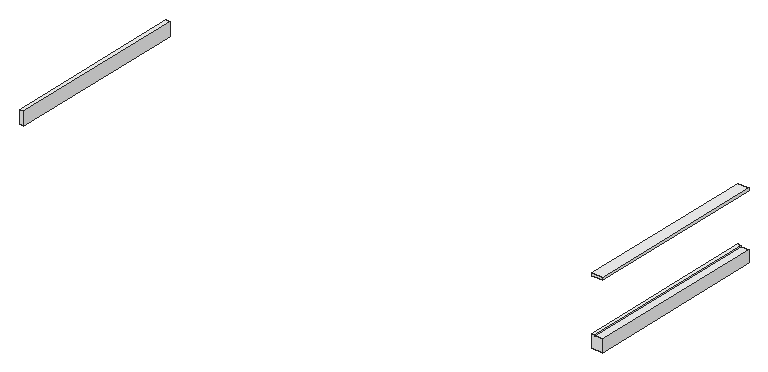
Revit family "CT_Bloco_C_Viga_Con_Perfil_Transversal", category Structural Framing, Revit 2025
Family settings
  Display in Hidden Views = Edges Hidden by Other Members
  Structural Framing Length Roundoff = 0.000 m
  Section Shape = Not Defined
  Material for Model Behavior = Concrete
  Always export as geometry = No
  Work Plane-Based = No
  Always vertical = Yes
  Cut with Voids When Loaded = Yes
  Symbolic Representation = From Family
  Shared = No
  Show family pre-cut in plan views = Yes
Parameters (values of type "VIG_BLC_CON_PRF_C")
  Structural Material [instance] = CT_Concreto
  Material_Vigas_Janelas [instance] = CT_Concreto
  Material_Vigas = CT_Concreto
  Comprimento [instance] = 7.500 m
Reference planes (m)
  plane 1 "Centro (Frente/Trás)": y = 0
  plane 2: z = 0
  plane 3 "Centro (Esquerda/Direita)": x = 0
  plane 4: x = -14.3501
  plane 5: x = 9.6249
  plane 6: y = -7.5
Forms (m)
  Extrusion 1, solid, material "CT_Concreto" <- "Material_Vigas"
    sketch origin (0, 0, 0.06) x (1, 0, 0) y (0, 0, 1)
      loop
        line (9.6249, 4.15) -> (9.6249, 4.65) -> (9.3249, 4.65) -> (9.3249, 4.7) -> (9.1749, 4.7) -> (9.1749, 4.15) -> (9.6249, 4.15)
      loop
        line (-14.3501, 4.15) -> (-14.2001, 4.15) -> (-14.2001, 4.7) -> (-14.3501, 4.7) -> (-14.3501, 4.15)
    from 0 to 7.5
  Extrusion 2, solid, material "CT_Concreto" <- "Material_Vigas_Janelas"
    sketch origin (0, 0, 0.06) x (1, 0, 0) y (0, 0, 1)
      loop
        line (9.6249, 6.92) -> (9.1749, 6.92) -> (9.1749, 6.82) -> (9.6249, 6.82) -> (9.6249, 6.92)
    from 0 to 7.5
Dimensions and locks (m)
  plane 5 to plane 3 "Centro (Esquerda/Direita)" to plane 4 = 9.6249 m locked, 14.3501 m locked
  "Comprimento": plane 1 "Centro (Frente/Trás)" to plane 6
  aligned and locked: level to plane 2
  aligned and locked: plane 6 to Extrusion 2
  aligned and locked: plane 6 to Extrusion 1
Automatic sketch dimensions
  Extrusion 1 sketch curve to plane 4 = 0.000 m
  Extrusion 1 sketch curve to plane 5 = 0.000 m
  plane 4 to Extrusion 1 sketch curve = 0.150 m
  Extrusion 1 sketch curve to Extrusion 1 sketch curve = 0.450 m
  Extrusion 1 sketch curve to Extrusion 1 sketch curve = 0.150 m
  level to Extrusion 1 sketch curve = 4.210 m  (x2)
  Extrusion 1 sketch curve to Extrusion 1 sketch curve = 0.500 m
  Extrusion 1 sketch curve to Extrusion 1 sketch curve = 0.050 m
  Extrusion 1 sketch curve to Extrusion 1 sketch curve = 0.550 m
  Extrusion 2 sketch curve to plane 5 = 0.000 m
  Extrusion 2 sketch curve to plane 5 = 0.450 m
  level to Extrusion 2 sketch curve = 6.880 m
  Extrusion 2 sketch curve to Extrusion 2 sketch curve = 0.100 m
